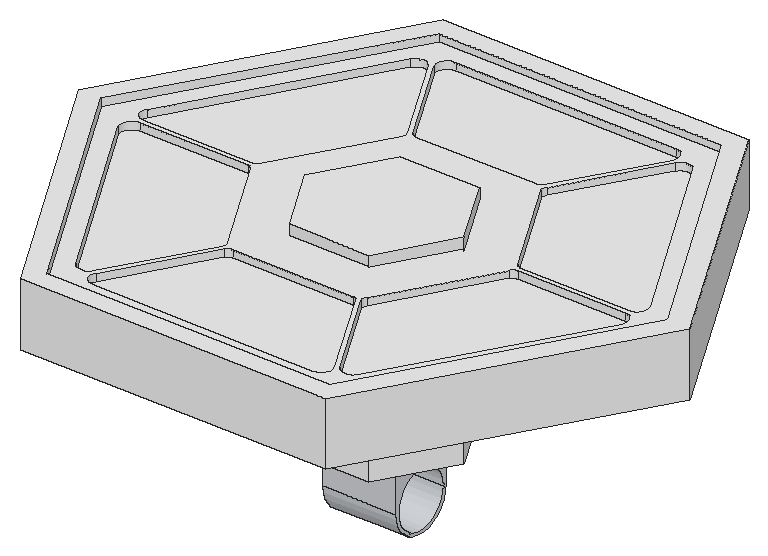
Revit family "Lighting-Industriale-GEWISS-ESALITE-HB-APPARECCHI-LED_12K_DALI", category Apparecchi per illuminazione, host Superficie, Revit 2019
Family settings
  Host = Superficie
  Quota connettore circolare = Usa diametro
  Tipo di parte = Normale
  Taglio con vuoti quando caricato = No
  Sorgente d'illuminazione = No
  Condiviso = No
  Punto di calcolo locali = Sì
Parameters (values of type "GWS6325GD57K - ESALITE 12K ELL.5700K PLAF+V GR.DALI")
  Versioni = "Luce fredda 5700K"
  Versione file RFA = "20.11"
  VISIBILITA' SIMBOLO [instance] = yes
  VISIBILITA' LAMPADA PIANTA [instance] = not(VISIBILITA' SIMBOLO)  # no
  VISIBILITA' ETICHETTA [instance] = yes
  URL = "https://www.gewiss.com/it/it"
  Tipo alimentatore = "Driver Led Dali"
  Tensione = "220/240 V - 50/60 Hz"
  Temperatura di utilizzo = "-30 +50 °C"
  Temperatura di colore: = "5700 K (CRI>80)"
  Spostamento_y_effettivo_ET [instance] = 4000 mm - Spostamento_y_ET  # 2119.2 mm
  Spostamento_y_ET [instance] = 1880.8 mm
  Spostamento_X_effettivo_ET [instance] = 4000 mm - Spostamento_X_ET  # 3850.612 mm
  Spostamento_X_ET [instance] = 149.388 mm
  Schermo = "Vetro temprato"
  Scheda Tecnica = "https://www.gewiss.com/it/it/search?q=GWS6325GD57K"
  SEO = "High bay"
  Resistenza alle sovratensioni : = "8KV in modalità comune; 6KV in modalità differenziale"
  Resistenza agli urti = "IK08"
  Default Elevation = 1219.2 mm
  Produttore = "GEWISS S.p.A."
  Potenza di sitema = "Wxxx"
  Potenza di sistema = "112W"
  Peso (kg): = "7,5"
  Ottica = "Ellittica"
  Modello = "GWS6325GD57K"
  Lumen output (lm) = "11900"
  Life time L90B10 (Tq 50Â°C) = "61000H"
  Life time L90B10 (Tq 25Â°C) = "100000H"
  Lampada: = "LED - Non sostituibile"
  Immagine tipo = ESALITE_HB.jpg
  IDT = "d2a2d3dfc1284762950272393a169f1b"
  IDF = "3f74dfed-7a1f-499e-99b4-b713e16e5279"
  Grado di protezione = "IP66"
  Garanzia = "5 anni"
  Flusso nominale (lm) = "15000"
  Descrizione = "ESALITE 12K ELL.5700K PLAF+V GR.DALI"
  Creato da GEWISS S.p.A. = ""
  Corrente di pilotaggio. = "0,7A"
  Colore = "Grigio RAL 9006"
  Codice Electrocod = "2444"
  Classe isolamento = "I"
  Classe di efficienza LED integrati = "A ÷ A++"
  Catalogo Serie = "ESALITE HB - 12K"
  Catalogo = "LIGHTING"
  COBie.Tagnumber = ""
  COBie.CreatedOn = ""
  COBie.CreatebBy = ""
  COBie.ComponentRegisterItemID = ""
  COBie.Component.TagNumber = ""
  COBie.Component.Space = ""
  COBie.Component.SerialNumber = ""
  COBie.Component.InstallationDate = ""
  COBie.Component.Description = ""
  COBie.Component.BarCode = ""
  Applicazione = "Interno / Esterno"
Types (25, lengths in mm): name | Versioni | Temperatura di colore: | Schermo | Scheda Tecnica | Resistenza agli urti | Ottica | Modello | Lumen output (lm) | IDT | Grado di protezione | Flusso nominale (lm) | Descrizione | Applicazione
  (no name) | "Luce fredda 5700K" | "5700 K (CRI>80)" | "Vetro temprato" | "https://www.gewiss.com/it/it/search?q=GWS6325GD57K" | "IK08" | "Ellittica" | "GWS6325GD57K" | "11900" | "d2a2d3dfc1284762950272393a169f1b" | "IP66" | "15000" | "ESALITE 12K ELL.5700K PLAF+V GR.DALI" | "Interno / Esterno"
  GWS6022GD - ESALITE 12K 30° 4000K PLAF.GR.DALI | "Luce naturale 4000K" | "4000 K (CRI>80)" | "Plastico" | "https://www.gewiss.com/it/it/search?q=GWS6022GD" | "IK06" | "30°" | "GWS6022GD" | "12700" | "35b3cf4b197f43218aa022e5f522abfe" | "IP65" | "15000" | "ESALITE 12K 30° 4000K PLAF.GR.DALI" | "Interno"
  GWS6022GD30K - ESALITE 12K 30° 3000K PLAF.GR.DALI | "Luce calda 3000K" | "3000 K (CRI>80)" | "Plastico" | "https://www.gewiss.com/it/it/search?q=GWS6022GD30K" | "IK06" | "30°" | "GWS6022GD30K" | "11800" | "d9dabff4fe354637b428eef978409a19" | "IP65" | "14000" | "ESALITE 12K 30° 3000K PLAF.GR.DALI" | "Interno"
  GWS6022GD57K - ESALITE 12K 30° 5700K PLAF.GR.DALI | "Luce fredda 5700K" | "5700 K (CRI>80)" | "Plastico" | "https://www.gewiss.com/it/it/search?q=GWS6022GD57K" | "IK06" | "30°" | "GWS6022GD57K" | "12700" | "250b75d768914a3a877e7a7345f21ac5" | "IP65" | "15000" | "ESALITE 12K 30° 5700K PLAF.GR.DALI" | "Interno"
  GWS6023GD - ESALITE 12K 60° 4000K PLAF.GR.DALI | "Luce naturale 4000K" | "4000 K (CRI>80)" | "Plastico" | "https://www.gewiss.com/it/it/search?q=GWS6023GD" | "IK06" | "60°" | "GWS6023GD" | "12900" | "a29d7323ae0e4980a59da40686718188" | "IP65" | "15000" | "ESALITE 12K 60° 4000K PLAF.GR.DALI" | "Interno"
  GWS6023GD30K - ESALITE 12K 60° 3000K PLAF.GR.DALI | "Luce calda 3000K" | "3000 K (CRI>80)" | "Plastico" | "https://www.gewiss.com/it/it/search?q=GWS6023GD30K" | "IK06" | "60°" | "GWS6023GD30K" | "12000" | "3c9c3b9704d648ec95ec8e39f1ca697b" | "IP65" | "14000" | "ESALITE 12K 60° 3000K PLAF.GR.DALI" | "Interno"
  GWS6023GD57K - ESALITE 12K 60° 5700K PLAF.GR.DALI | "Luce fredda 5700K" | "5700 K (CRI>80)" | "Plastico" | "https://www.gewiss.com/it/it/search?q=GWS6023GD57K" | "IK06" | "60°" | "GWS6023GD57K" | "12900" | "29016f5b746f49908b1169b1b3ad188b" | "IP65" | "15000" | "ESALITE 12K 60° 5700K PLAF.GR.DALI" | "Interno"
  GWS6024GD - ESALITE 12K 90° 4000K PLAF.GR.DALI | "Luce naturale 4000K" | "4000 K (CRI>80)" | "Plastico" | "https://www.gewiss.com/it/it/search?q=GWS6024GD" | "IK06" | "90°" | "GWS6024GD" | "13700" | "7b6ded07cde44c9ea3f06fae6809de86" | "IP65" | "15000" | "ESALITE 12K 90° 4000K PLAF.GR.DALI" | "Interno"
  GWS6024GD30K - ESALITE 12K 90° 3000K PLAF.GR.DALI | "Luce calda 3000K" | "3000 K (CRI>80)" | "Plastico" | "https://www.gewiss.com/it/it/search?q=GWS6024GD30K" | "IK06" | "90°" | "GWS6024GD30K" | "12800" | "6ae77283cf3f4ccfbb661844f8ea5737" | "IP65" | "14000" | "ESALITE 12K 90° 3000K PLAF.GR.DALI" | "Interno"
  GWS6024GD57K - ESALITE 12K 90° 5700K PLAF.GR.DALI | "Luce fredda 5700K" | "5700 K (CRI>80)" | "Plastico" | "https://www.gewiss.com/it/it/search?q=GWS6024GD57K" | "IK06" | "90°" | "GWS6024GD57K" | "13700" | "a9e46dc92eaf4a0dbec7e9181be0d6c7" | "IP65" | "15000" | "ESALITE 12K 90° 5700K PLAF.GR.DALI" | "Interno"
  GWS6025GD - ESALITE 12K ELL.4000K PLAF.GR.DALI | "Luce naturale 4000K" | "4000 K (CRI>80)" | "Plastico" | "https://www.gewiss.com/it/it/search?q=GWS6025GD" | "IK06" | "Ellittica" | "GWS6025GD" | "12900" | "b2f800c1082d4f3492669209874a42bb" | "IP65" | "15000" | "ESALITE 12K ELL.4000K PLAF.GR.DALI" | "Interno"
  GWS6025GD30K - ESALITE 12K ELL.3000K PLAF.GR.DALI | "Luce calda 3000K" | "3000 K (CRI>80)" | "Plastico" | "https://www.gewiss.com/it/it/search?q=GWS6025GD30K" | "IK06" | "Ellittica" | "GWS6025GD30K" | "12000" | "6270431cdf114224b484530e05ad32b3" | "IP65" | "14000" | "ESALITE 12K ELL.3000K PLAF.GR.DALI" | "Interno"
  GWS6025GD57K - ESALITE 12K ELL.5700K PLAF.GR.DALI | "Luce fredda 5700K" | "5700 K (CRI>80)" | "Plastico" | "https://www.gewiss.com/it/it/search?q=GWS6025GD57K" | "IK06" | "Ellittica" | "GWS6025GD57K" | "12900" | "84eac9971497492e92781f631ff72047" | "IP65" | "15000" | "ESALITE 12K ELL.5700K PLAF.GR.DALI" | "Interno"
  GWS6322GD - ESALITE 12K 30° 4000K PLAF+V GR.DALI | "Luce naturale 4000K" | "4000 K (CRI>80)" | "Vetro temprato" | "https://www.gewiss.com/it/it/search?q=GWS6322GD" | "IK08" | "30°" | "GWS6322GD" | "11600" | "286c5400690d43b989d03c0f12888485" | "IP66" | "15000" | "ESALITE 12K 30° 4000K PLAF+V GR.DALI" | "Interno / Esterno"
  GWS6322GD30K - ESALITE 12K 30° 3000K PLAF+V GR.DALI | "Luce calda 3000K" | "3000 K (CRI>80)" | "Vetro temprato" | "https://www.gewiss.com/it/it/search?q=GWS6322GD30K" | "IK08" | "30°" | "GWS6322GD30K" | "10800" | "9f46472fa7b74f00916ffd5d2fcfe1eb" | "IP66" | "14000" | "ESALITE 12K 30° 3000K PLAF+V GR.DALI" | "Interno / Esterno"
  GWS6322GD57K - ESALITE 12K 30° 5700K PLAF+V GR.DALI | "Luce fredda 5700K" | "5700 K (CRI>80)" | "Vetro temprato" | "https://www.gewiss.com/it/it/search?q=GWS6322GD57K" | "IK08" | "30°" | "GWS6322GD57K" | "11600" | "f0ed51fe954f4075be4624d5df5070e0" | "IP66" | "15000" | "ESALITE 12K 30° 5700K PLAF+V GR.DALI" | "Interno / Esterno"
  GWS6323GD - ESALITE 12K 60° 4000K PLAF+V GR.DALI | "Luce naturale 4000K" | "4000 K (CRI>80)" | "Vetro temprato" | "https://www.gewiss.com/it/it/search?q=GWS6323GD" | "IK08" | "60°" | "GWS6323GD" | "11900" | "da79f6129fbc4d5d8e1f04758039e2dd" | "IP66" | "15000" | "ESALITE 12K 60° 4000K PLAF+V GR.DALI" | "Interno / Esterno"
  GWS6323GD30K - ESALITE 12K 60° 3000K PLAF+V GR.DALI | "Luce calda 3000K" | "3000 K (CRI>80)" | "Vetro temprato" | "https://www.gewiss.com/it/it/search?q=GWS6323GD30K" | "IK08" | "60°" | "GWS6323GD30K" | "11100" | "64be8db373934211ab47de8d9e88dad0" | "IP66" | "14000" | "ESALITE 12K 60° 3000K PLAF+V GR.DALI" | "Interno / Esterno"
  GWS6323GD57K - ESALITE 12K 60° 5700K PLAF+V GR.DALI | "Luce fredda 5700K" | "5700 K (CRI>80)" | "Vetro temprato" | "https://www.gewiss.com/it/it/search?q=GWS6323GD57K" | "IK08" | "60°" | "GWS6323GD57K" | "11900" | "b8a45e090a9e4cbd9c2f0cf7f1902321" | "IP66" | "15000" | "ESALITE 12K 60° 5700K PLAF+V GR.DALI" | "Interno / Esterno"
  GWS6324GD - ESALITE 12K 90° 4000K PLAF+V GR.DALI | "Luce naturale 4000K" | "4000 K (CRI>80)" | "Vetro temprato" | "https://www.gewiss.com/it/it/search?q=GWS6324GD" | "IK08" | "90°" | "GWS6324GD" | "12700" | "56af3f2275354d0290d0cde73c975edc" | "IP66" | "15000" | "ESALITE 12K 90° 4000K PLAF+V GR.DALI" | "Interno / Esterno"
  GWS6324GD30K - ESALITE 12K 90° 3000K PLAF+V GR.DALI | "Luce calda 3000K" | "3000 K (CRI>80)" | "Vetro temprato" | "https://www.gewiss.com/it/it/search?q=GWS6324GD30K" | "IK08" | "90°" | "GWS6324GD30K" | "11800" | "f2373e1a56d34de0b6b49f1227ee2fe5" | "IP66" | "14000" | "ESALITE 12K 90° 3000K PLAF+V GR.DALI" | "Interno / Esterno"
  GWS6324GD57K - ESALITE 12K 90° 5700K PLAF+V GR.DALI | "Luce fredda 5700K" | "5700 K (CRI>80)" | "Vetro temprato" | "https://www.gewiss.com/it/it/search?q=GWS6324GD57K" | "IK08" | "90°" | "GWS6324GD57K" | "12700" | "9431336567a3401daab1b0215021535d" | "IP66" | "15000" | "ESALITE 12K 90° 5700K PLAF+V GR.DALI" | "Interno / Esterno"
  GWS6325GD - ESALITE 12K ELL.4000K PLAF+V GR.DALI | "Luce naturale 4000K" | "4000 K (CRI>80)" | "Vetro temprato" | "https://www.gewiss.com/it/it/search?q=GWS6325GD" | "IK08" | "Ellittica" | "GWS6325GD" | "11900" | "3d2f8917f2a445ecac5bf7815467f40f" | "IP66" | "15000" | "ESALITE 12K ELL.4000K PLAF+V GR.DALI" | "Interno / Esterno"
  GWS6325GD30K - ESALITE 12K ELL.3000K PLAF+V GR.DALI | "Luce calda 3000K" | "3000 K (CRI>80)" | "Vetro temprato" | "https://www.gewiss.com/it/it/search?q=GWS6325GD30K" | "IK08" | "Ellittica" | "GWS6325GD30K" | "11100" | "98483d415e854f22885ef60d311d9135" | "IP66" | "14000" | "ESALITE 12K ELL.3000K PLAF+V GR.DALI" | "Interno / Esterno"
  GWS6325GD57K - ESALITE 12K ELL.5700K PLAF+V GR.DALI | "Luce fredda 5700K" | "5700 K (CRI>80)" | "Vetro temprato" | "https://www.gewiss.com/it/it/search?q=GWS6325GD57K" | "IK08" | "Ellittica" | "GWS6325GD57K" | "11900" | "d2a2d3dfc1284762950272393a169f1b" | "IP66" | "15000" | "ESALITE 12K ELL.5700K PLAF+V GR.DALI" | "Interno / Esterno"
Reference planes
  plane 1 "Centro (Fronte/Retro)": y = 0
  plane 2: z = 0
  plane 3 "Centro (Sinistra/Destra)": x = 0
  plane 4: z = 123
  plane 5: x = 0
  plane 6: x = -3850.612
  plane 7: y = -2119.2
  plane 8: y = 0
  plane 9: through (-1779.2, -702.001, 1219.2) normal (0.4695, 0.8829, 0)
  plane 10: through (203.705, -1575.119, 1219.2) normal (-0.866, 0.5, 0)
  plane 11: x = -217.137
  plane 12: x = 217.137
  plane 13: y = 188.046
  plane 14: y = -188.046
Lines and regions (mm)
  symbolic lines, visible <- "VISIBILITA' LAMPADA PIANTA"
    curve 1: line (-11.642, 188.046, 0) -> (-11.642, 193.046, 0)
    curve 2: line (96.926, 188.046, 0) -> (-120.211, 188.046, 0)
    curve 3: line (-120.211, 188.046, 0) -> (-228.779, 0, 0)
    curve 4: line (-228.779, 0, 0) -> (-120.211, -188.046, 0)
    curve 5: line (-120.211, -188.046, 0) -> (96.926, -188.046, 0)
    curve 6: line (96.926, -188.046, 0) -> (205.494, 0, 0)
    curve 7: line (205.494, 0, 0) -> (96.926, 188.046, 0)
    curve 8: line (-112.377, 174.478, 0) -> (89.093, 174.478, 0)
    curve 9: line (89.093, 174.478, 0) -> (189.827, 0, 0)
    curve 10: line (189.827, 0, 0) -> (89.093, -174.478, 0)
    curve 11: line (89.093, -174.478, 0) -> (-112.377, -174.478, 0)
    curve 12: line (-112.377, -174.478, 0) -> (-213.112, 0, 0)
    curve 13: line (-213.112, 0, 0) -> (-112.377, 174.478, 0)
    curve 14: line (-90.152, 161.48, 0) -> (66.867, 161.48, 0)
    curve 15: arc (66.867, 161.48, 0) -> (73.365, 157.725, 0) -> (73.355, 150.22, 0) r 7.499
    curve 16: line (73.355, 150.22, 0) -> (35.117, 83.99, 0)
    curve 17: arc (35.117, 83.99, 0) -> (33.287, 82.16, 0) -> (30.788, 81.49, 0) r 4.999
    curve 18: line (30.788, 81.49, 0) -> (-54.072, 81.49, 0)
    curve 19: arc (-54.072, 81.49, 0) -> (-56.572, 82.16, 0) -> (-58.402, 83.99, 0) r 4.999
    curve 20: line (-58.402, 83.99, 0) -> (-96.653, 150.242, 0)
    curve 21: arc (-96.653, 150.242, 0) -> (-96.643, 157.736, 0) -> (-90.152, 161.48, 0) r 7.499
    curve 22: line (-190.736, 12.76, 0) -> (-112.239, 148.72, 0)
    curve 23: arc (-112.239, 148.72, 0) -> (-105.751, 152.481, 0) -> (-99.25, 148.742, 0) r 7.499
    curve 24: line (-99.25, 148.742, 0) -> (-61.001, 82.492, 0)
    curve 25: arc (-61.001, 82.492, 0) -> (-60.33, 79.991, 0) -> (-61, 77.49, 0) r 4.999
    curve 26: line (-61, 77.49, 0) -> (-103.429, 4, 0)
    curve 27: arc (-103.429, 4, 0) -> (-105.259, 2.17, 0) -> (-107.759, 1.5, 0) r 4.999
    curve 28: line (-107.759, 1.5, 0) -> (-184.248, 1.5, 0)
    curve 29: arc (-184.248, 1.5, 0) -> (-190.746, 5.255, 0) -> (-190.736, 12.76, 0) r 7.499
    curve 30: line (-190.749, -12.737, 0) -> (-112.227, -148.742, 0)
    curve 31: arc (-112.227, -148.742, 0) -> (-105.738, -152.48, 0) -> (-99.25, -148.742, 0) r 7.499
    curve 32: line (-99.25, -148.742, 0) -> (-61, -82.489, 0)
    curve 33: arc (-61, -82.489, 0) -> (-60.33, -79.99, 0) -> (-61, -77.49, 0) r 4.999
    curve 34: line (-61, -77.49, 0) -> (-103.429, -3.999, 0)
    curve 35: arc (-103.429, -3.999, 0) -> (-105.259, -2.169, 0) -> (-107.759, -1.5, 0) r 4.999
    curve 36: line (-107.759, -1.5, 0) -> (-184.248, -1.5, 0)
    curve 37: arc (-184.248, -1.5, 0) -> (-190.739, -5.244, 0) -> (-190.749, -12.737, 0) r 7.499
    curve 38: line (66.867, -161.479, 0) -> (-90.152, -161.479, 0)
    curve 39: arc (-90.152, -161.479, 0) -> (-96.643, -157.735, 0) -> (-96.653, -150.242, 0) r 7.499
    curve 40: line (-96.653, -150.242, 0) -> (-58.402, -83.989, 0)
    curve 41: arc (-58.402, -83.989, 0) -> (-56.572, -82.159, 0) -> (-54.072, -81.489, 0) r 4.999
    curve 42: line (-54.072, -81.489, 0) -> (30.788, -81.489, 0)
    curve 43: arc (30.788, -81.489, 0) -> (33.287, -82.159, 0) -> (35.117, -83.989, 0) r 4.999
    curve 44: line (35.117, -83.989, 0) -> (73.355, -150.22, 0)
    curve 45: arc (73.355, -150.22, 0) -> (73.365, -157.724, 0) -> (66.867, -161.479, 0) r 7.499
    curve 46: line (80.145, -3.999, 0) -> (37.715, -77.49, 0)
    curve 47: arc (37.715, -77.49, 0) -> (37.045, -79.99, 0) -> (37.715, -82.489, 0) r 4.999
    curve 48: line (37.715, -82.489, 0) -> (75.966, -148.742, 0)
    curve 49: arc (75.966, -148.742, 0) -> (82.467, -152.48, 0) -> (88.955, -148.72, 0) r 7.499
    curve 50: line (88.955, -148.72, 0) -> (167.452, -12.759, 0)
    curve 51: arc (167.452, -12.759, 0) -> (167.461, -5.255, 0) -> (160.964, -1.5, 0) r 7.499
    curve 52: line (160.964, -1.5, 0) -> (84.474, -1.5, 0)
    curve 53: arc (84.474, -1.5, 0) -> (81.975, -2.169, 0) -> (80.145, -3.999, 0) r 4.999
    curve 54: line (80.145, 4, 0) -> (37.715, 77.49, 0)
    curve 55: arc (37.715, 77.49, 0) -> (37.045, 79.99, 0) -> (37.715, 82.49, 0) r 4.999
    curve 56: line (37.715, 82.49, 0) -> (75.966, 148.742, 0)
    curve 57: arc (75.966, 148.742, 0) -> (82.467, 152.481, 0) -> (88.955, 148.72, 0) r 7.499
    curve 58: line (88.955, 148.72, 0) -> (167.452, 12.76, 0)
    curve 59: arc (167.452, 12.76, 0) -> (167.461, 5.255, 0) -> (160.964, 1.5, 0) r 7.499
    curve 60: line (160.964, 1.5, 0) -> (84.474, 1.5, 0)
    curve 61: arc (84.474, 1.5, 0) -> (81.975, 2.17, 0) -> (80.145, 4, 0) r 4.999
    curve 123: line (-217.137, 0, 152.205) -> (217.137, 0, 152.205)
    curve 124: line (-217.137, 0, 197.205) -> (217.137, 0, 197.205)
    curve 125: line (-217.137, 0, 152.205) -> (-217.137, 0, 197.205)
    curve 126: line (-56.644, 0, 55) -> (-56.644, 0, 152.205)
    curve 127: line (-56.644, 0, 55) -> (56.76, 0, 55)
    curve 128: line (-26.009, 0, 55) -> (-26.009, 0, 0)
    curve 129: line (26.009, 0, 0) -> (-26.009, 0, 0)
    curve 130: line (26.009, 0, 0) -> (26.009, 0, 55)
    curve 131: line (56.76, 0, 55) -> (56.76, 0, 152.205)
    curve 132: line (217.137, 0, 197.205) -> (217.137, 0, 152.205)
  symbolic lines, visible <- "VISIBILITA' LAMPADA PIANTA", not visible
    curve 62: line (577.792, 610.713, 0) -> (577.792, 615.713, 0)
    curve 63: line (686.361, 610.713, 0) -> (469.224, 610.713, 0)
    curve 64: line (469.224, 610.713, 0) -> (360.656, 422.667, 0)
    curve 65: line (360.656, 422.667, 0) -> (469.224, 234.621, 0)
    curve 66: line (469.224, 234.621, 0) -> (686.361, 234.621, 0)
    curve 67: line (686.361, 234.621, 0) -> (794.929, 422.667, 0)
    curve 68: line (794.929, 422.667, 0) -> (686.361, 610.713, 0)
    curve 69: line (477.058, 597.145, 0) -> (678.527, 597.145, 0)
    curve 70: line (678.527, 597.145, 0) -> (779.262, 422.667, 0)
    curve 71: line (779.262, 422.667, 0) -> (678.527, 248.189, 0)
    curve 72: line (678.527, 248.189, 0) -> (477.058, 248.189, 0)
    curve 73: line (477.058, 248.189, 0) -> (376.323, 422.667, 0)
    curve 74: line (376.323, 422.667, 0) -> (477.058, 597.145, 0)
    curve 75: line (499.283, 584.146, 0) -> (656.302, 584.146, 0)
    curve 76: arc (656.302, 584.146, 0) -> (662.8, 580.391, 0) -> (662.79, 572.887, 0) r 7.499
    curve 77: line (662.79, 572.887, 0) -> (624.552, 506.656, 0)
    curve 78: arc (624.552, 506.656, 0) -> (622.722, 504.826, 0) -> (620.222, 504.156, 0) r 4.999
    curve 79: line (620.222, 504.156, 0) -> (535.363, 504.156, 0)
    curve 80: arc (535.363, 504.156, 0) -> (532.863, 504.826, 0) -> (531.033, 506.656, 0) r 4.999
    curve 81: line (531.033, 506.656, 0) -> (492.782, 572.909, 0)
    curve 82: arc (492.782, 572.909, 0) -> (492.792, 580.402, 0) -> (499.283, 584.146, 0) r 7.499
    curve 83: line (398.699, 435.426, 0) -> (477.196, 571.387, 0)
    curve 84: arc (477.196, 571.387, 0) -> (483.684, 575.147, 0) -> (490.184, 571.409, 0) r 7.499
    curve 85: line (490.184, 571.409, 0) -> (528.434, 505.158, 0)
    curve 86: arc (528.434, 505.158, 0) -> (529.105, 502.658, 0) -> (528.435, 500.157, 0) r 4.999
    curve 87: line (528.435, 500.157, 0) -> (486.005, 426.666, 0)
    curve 88: arc (486.005, 426.666, 0) -> (484.176, 424.836, 0) -> (481.676, 424.166, 0) r 4.999
    curve 89: line (481.676, 424.166, 0) -> (405.187, 424.166, 0)
    curve 90: arc (405.187, 424.166, 0) -> (398.689, 427.921, 0) -> (398.699, 435.426, 0) r 7.499
    curve 91: line (398.686, 409.929, 0) -> (477.208, 273.925, 0)
    curve 92: arc (477.208, 273.925, 0) -> (483.696, 270.186, 0) -> (490.184, 273.925, 0) r 7.499
    curve 93: line (490.184, 273.925, 0) -> (528.435, 340.177, 0)
    curve 94: arc (528.435, 340.177, 0) -> (529.105, 342.677, 0) -> (528.435, 345.176, 0) r 4.999
    curve 95: line (528.435, 345.176, 0) -> (486.005, 418.667, 0)
    curve 96: arc (486.005, 418.667, 0) -> (484.176, 420.497, 0) -> (481.676, 421.167, 0) r 4.999
    curve 97: line (481.676, 421.167, 0) -> (405.187, 421.167, 0)
    curve 98: arc (405.187, 421.167, 0) -> (398.695, 417.423, 0) -> (398.686, 409.929, 0) r 7.499
    curve 99: line (656.302, 261.187, 0) -> (499.283, 261.187, 0)
    curve 100: arc (499.283, 261.187, 0) -> (492.792, 264.931, 0) -> (492.782, 272.425, 0) r 7.499
    curve 101: line (492.782, 272.425, 0) -> (531.033, 338.677, 0)
    curve 102: arc (531.033, 338.677, 0) -> (532.863, 340.507, 0) -> (535.363, 341.177, 0) r 4.999
    curve 103: line (535.363, 341.177, 0) -> (620.222, 341.177, 0)
    curve 104: arc (620.222, 341.177, 0) -> (622.722, 340.507, 0) -> (624.552, 338.677, 0) r 4.999
    curve 105: line (624.552, 338.677, 0) -> (662.79, 272.447, 0)
    curve 106: arc (662.79, 272.447, 0) -> (662.8, 264.942, 0) -> (656.302, 261.187, 0) r 7.499
    curve 107: line (669.58, 418.667, 0) -> (627.15, 345.176, 0)
    curve 108: arc (627.15, 345.176, 0) -> (626.48, 342.677, 0) -> (627.15, 340.177, 0) r 4.999
    curve 109: line (627.15, 340.177, 0) -> (665.401, 273.925, 0)
    curve 110: arc (665.401, 273.925, 0) -> (671.901, 270.186, 0) -> (678.389, 273.946, 0) r 7.499
    curve 111: line (678.389, 273.946, 0) -> (756.886, 409.907, 0)
    curve 112: arc (756.886, 409.907, 0) -> (756.896, 417.412, 0) -> (750.398, 421.167, 0) r 7.499
    curve 113: line (750.398, 421.167, 0) -> (673.909, 421.167, 0)
    curve 114: arc (673.909, 421.167, 0) -> (671.409, 420.497, 0) -> (669.58, 418.667, 0) r 4.999
    curve 115: line (669.58, 426.666, 0) -> (627.15, 500.157, 0)
    curve 116: arc (627.15, 500.157, 0) -> (626.48, 502.657, 0) -> (627.15, 505.156, 0) r 4.999
    curve 117: line (627.15, 505.156, 0) -> (665.401, 571.409, 0)
    curve 118: arc (665.401, 571.409, 0) -> (671.901, 575.147, 0) -> (678.389, 571.387, 0) r 7.499
    curve 119: line (678.389, 571.387, 0) -> (756.886, 435.426, 0)
    curve 120: arc (756.886, 435.426, 0) -> (756.896, 427.921, 0) -> (750.398, 424.166, 0) r 7.499
    curve 121: line (750.398, 424.166, 0) -> (673.909, 424.166, 0)
    curve 122: arc (673.909, 424.166, 0) -> (671.409, 424.836, 0) -> (669.58, 426.666, 0) r 4.999
Text (mm)
  text "B-A=C" at (-2005.323, -1167.131, 0), in view "Livello rif."
  text "D+A-C=B" at (1746.792, 582.509, 0), in view "Livello rif."
Dimensions and locks
  "Spostamento_X_effettivo_ET": plane 6 to plane 5
  plane 6 to plane 3 "Centro (Sinistra/Destra)" = 3850.612 mm
  "Spostamento_y_effettivo_ET": plane 8 to plane 7
  plane 1 "Centro (Fronte/Retro)" to plane 7 = 2119.2 mm
  plane 11 to plane 12 = 434.273 mm
  plane 13 to plane 14 = 376.092 mm
  angle plane 9 to plane 7 = 28.00°
  angle plane 7 to plane 6 = 90.00°
  aligned and locked: plane 2 to host face
  aligned and locked: level to host face
  aligned and locked: plane 5 to nested 1
  aligned and locked: nested 1 to plane 8
  aligned and locked: plane 5 to nested 3
Automatic sketch dimensions
  host sketch curve to host sketch curve = 2438.4 mm  (x2)
  curve 123 to plane 11 = 0 mm
  curve 132 to plane 12 = 0 mm
  curve 126 to plane 3 "Centro (Sinistra/Destra)" = 56.644 mm
  plane 3 "Centro (Sinistra/Destra)" to curve 127 = 56.76 mm
  level to curve 131 = 55 mm
  curve 125 to plane 4 = 29.205 mm
  curve 123 to curve 124 = 45 mm
  curve 128 to plane 3 "Centro (Sinistra/Destra)" = 26.009 mm
  curve 130 to level = 0 mm
  plane 3 "Centro (Sinistra/Destra)" to curve 130 = 26.009 mm
Nested families
  nested 1: "etichetta Potenza Lampada" at (0, 0, 0), visible <- "VISIBILITA' ETICHETTA", type "etichetta Potenza Lampada"
  nested 2: "xESALITE HB 12K SOSPENSIONE_base" at (0, 0, 0), type "xESALITE HB 12K SOSPENSIONE_base"
  nested 3: "esalight hb simb" at (0, 0, 0), visible <- "VISIBILITA' SIMBOLO", type "esalight hb simb"
  nested 4: "esalight hb simb" at (0, 0, 90) x (1, 0, 0) z (0, -1, 0), visible <- "VISIBILITA' SIMBOLO", type "esalight hb simb"
Definition of nested family "xESALITE HB 12K SOSPENSIONE_base"
  Parameters (values of type "Tipo 1")
    Schermatura interna = none
    LED = none
    Corpo luce = none
  Types (2): name
    Tipo 1
    xESALITE HB 12K SOSPENSIONE_base
  Reference planes
    plane 1 "Centro (Fronte/Retro)": y = 0
    plane 2: z = 0
    plane 3 "Centro (Sinistra/Destra)": x = 0
    plane 4: x = -145.163
    plane 5: x = 145.28
    plane 6: y = 126.226
    plane 7: y = -125.856
    plane 8: y = 55.469
    plane 9: y = -55.099
    plane 10: x = -63.671
    plane 11: x = 63.788
    plane 12: y = -123.856
    plane 13: y = 124.226
    plane 14: y = -112.535
    plane 15: y = 112.905
    plane 16: y = -22
    plane 17: y = 22
    plane 18: y = -108.017
    plane 19: y = 108.387
    plane 20: through (-28.293, 49.29, 1200) normal (0.866, -0.5, 0)
    plane 21: y = 49.29
    plane 22: through (28.409, 49.29, 1200) normal (0.866, 0.5, 0)
    plane 23: through (28.409, -48.92, 1200) normal (-0.866, 0.5, 0)
    plane 24: y = -48.92
    plane 25: through (-56.644, 0.185, 1200) normal (0.866, 0.5, 0)
    plane 26: through (-31.86, 55.469, 1200) normal (0.866, -0.5, 0)
    plane 27: through (-63.778, 0.185, 1200) normal (0.866, 0.5, 0)
    plane 28: y = -55.099
    plane 29: through (63.894, 0.185, 1200) normal (0.866, -0.5, 0)
    plane 30: through (63.894, 0.185, 1200) normal (-0.866, -0.5, 0)
    plane 31: y = 55.469
    plane 32: z = 123.439
    plane 33: through (-65.51, 1.185, 1200) normal (-0.866, 0.5, 0)
    plane 34: through (-33.592, -56.099, 1200) normal (-0.866, -0.5, 0)
    plane 35: through (-65.51, 1.185, 1200) normal (-0.866, 0.5, 0)
    plane 36: y = 57.469
    plane 37: through (33.708, 56.469, 1200) normal (0.866, 0.5, 0)
    plane 38: through (65.626, -0.815, 1200) normal (0.866, -0.5, 0)
    plane 39: y = -57.099
    plane 40: y = -1
    plane 41: y = 1
    plane 42: x = -1
    plane 43: x = 0
    plane 44: y = 105.387
    plane 45: y = -105.017
    plane 46: z = 130
    plane 47: y = -103.017
    plane 48: y = 103.387
    plane 49: x = 1
    plane 50: through (-108.857, 187.546, 1200) normal (0.866, -0.5, 0)
    plane 51: y = 188.046
    plane 52: y = 174.478
    plane 53: through (-101.456, 173.228, 1200) normal (0.866, -0.5, 0)
    plane 54: through (-216.848, -0.5, 1200) normal (0.866, 0.5, 0)
    plane 55: through (-200.748, -1.25, 1200) normal (0.866, 0.5, 0)
    plane 56: y = -188.046
    plane 57: y = -174.478
    plane 58: y = 188.046
    plane 59: y = 174.478
    plane 60: through (200.748, 1.25, 1200) normal (-0.866, -0.5, 0)
    plane 61: through (216.848, 0.5, 1200) normal (-0.866, -0.5, 0)
    plane 62: through (108.857, -187.546, 1200) normal (-0.866, 0.5, 0)
    plane 63: through (101.456, -173.228, 1200) normal (-0.866, 0.5, 0)
    plane 64: z = 89
    plane 65: z = 134
    plane 66: z = 108.133
    plane 67: z = 123.439
    plane 68: z = 117.439
    plane 69: z = 128.439
    plane 70: z = 27.205
    plane 71: z = 152.205
    plane 72: z = 197.205
    plane 73: z = 199.205
    plane 74: z = 192.205
    plane 75: z = 182.205
    plane 76: z = 187.205
    plane 77: z = 184.113
  Forms (mm)
    Extrusion 1, solid, material <- "Corpo luce"
      sketch origin (0, 0, 0) x (1, 0, 0) y (0, 1, 0)
        loop
          line (-28.293, 49.29) -> (-56.644, 0.185) -> (-28.293, -48.92) -> (28.409, -48.92) -> (56.76, 0.185) -> (28.409, 49.29) -> (-28.293, 49.29)
      from 199.205 to 55
    Extrusion 2, solid
      sketch origin (0, 0, 0) x (0, 1, 0) y (0, 0, 1)
        loop
          arc (-22, 21.411) -> (0, -0.589) -> (22, 21.411) r 22
          line (22, 21.411) -> (22, 55) -> (-22, 55) -> (-22, 21.411)
        loop
          circle (0, 21.411) r 20
      from -26.009 to 26.009
    Extrusion 3, solid, material <- "Corpo luce"
      sketch origin (0, 0, 0) x (1, 0, 0) y (0, 1, 0)
        loop
          line (108.568, -188.046) -> (217.137, 0) -> (108.568, 188.046) -> (-108.568, 188.046) -> (-217.137, 0) -> (-108.568, -188.046) -> (108.568, -188.046)
        loop
          line (100.735, -174.478) -> (201.47, 0) -> (100.735, 174.478) -> (-100.735, 174.478) -> (-201.47, 0) -> (-100.735, -174.478) -> (100.735, -174.478)
      from 152.205 to 197.205
    Extrusion 4, solid, material <- "Corpo luce"
      sketch origin (0, 0, 0) x (1, 0, 0) y (0, 1, 0)
        loop
          line (-201.47, 0) -> (-100.735, -174.478) -> (100.735, -174.478) -> (201.47, 0) -> (100.735, 174.478) -> (-100.735, 174.478) -> (-201.47, 0)
        loop
          line (-28.293, 49.29) -> (-56.644, 0.185) -> (-28.293, -48.92) -> (28.409, -48.92) -> (56.76, 0.185) -> (28.409, 49.29) -> (-28.293, 49.29)
      from 182.205 to 192.205
    Extrusion 5, void
      sketch origin (0, 0, 0) x (1, 0, 0) y (0, 1, 0)
        loop
          line (-100.597, 148.72) -> (-179.094, 12.76)
          arc (-179.094, 12.76) -> (-179.103, 5.255) -> (-172.606, 1.5) r 7.499
          line (-172.606, 1.5) -> (-96.117, 1.5)
          arc (-96.117, 1.5) -> (-93.617, 2.17) -> (-91.787, 4) r 4.999
          line (-91.787, 4) -> (-49.357, 77.49)
          arc (-49.357, 77.49) -> (-48.687, 79.99) -> (-49.357, 82.49) r 4.999
          line (-49.357, 82.49) -> (-87.608, 148.742)
          arc (-87.608, 148.742) -> (-94.109, 152.481) -> (-100.597, 148.72) r 7.499
        loop
          line (78.51, 161.48) -> (-78.51, 161.48)
          arc (-78.51, 161.48) -> (-85.001, 157.736) -> (-85.01, 150.242) r 7.499
          line (-85.01, 150.242) -> (-46.759, 83.99)
          arc (-46.759, 83.99) -> (-44.93, 82.16) -> (-42.43, 81.49) r 4.999
          line (-42.43, 81.49) -> (42.43, 81.49)
          arc (42.43, 81.49) -> (44.93, 82.16) -> (46.759, 83.99) r 4.999
          line (46.759, 83.99) -> (84.998, 150.22)
          arc (84.998, 150.22) -> (85.007, 157.725) -> (78.51, 161.48) r 7.499
        loop
          arc (49.357, 82.49) -> (48.687, 79.99) -> (49.357, 77.49) r 4.999
          line (49.357, 77.49) -> (91.787, 4)
          arc (91.787, 4) -> (93.617, 2.17) -> (96.117, 1.5) r 4.999
          line (96.117, 1.5) -> (172.606, 1.5)
          arc (172.606, 1.5) -> (179.103, 5.255) -> (179.094, 12.76) r 7.499
          line (179.094, 12.76) -> (100.597, 148.72)
          arc (100.597, 148.72) -> (94.109, 152.481) -> (87.608, 148.742) r 7.499
          line (87.608, 148.742) -> (49.357, 82.49)
        loop
          line (49.357, -82.489) -> (87.608, -148.742)
          arc (87.608, -148.742) -> (94.109, -152.48) -> (100.597, -148.72) r 7.499
          line (100.597, -148.72) -> (179.094, -12.759)
          arc (179.094, -12.759) -> (179.103, -5.255) -> (172.606, -1.5) r 7.499
          line (172.606, -1.5) -> (96.117, -1.5)
          arc (96.117, -1.5) -> (93.617, -2.169) -> (91.787, -3.999) r 4.999
          line (91.787, -3.999) -> (49.357, -77.49)
          arc (49.357, -77.49) -> (48.687, -79.99) -> (49.357, -82.489) r 4.999
        loop
          arc (-42.43, -81.489) -> (-44.93, -82.159) -> (-46.759, -83.989) r 4.999
          line (-46.759, -83.989) -> (-85.01, -150.242)
          arc (-85.01, -150.242) -> (-85.001, -157.735) -> (-78.51, -161.479) r 7.499
          line (-78.51, -161.479) -> (78.51, -161.479)
          arc (78.51, -161.479) -> (85.007, -157.724) -> (84.998, -150.22) r 7.499
          line (84.998, -150.22) -> (46.759, -83.989)
          arc (46.759, -83.989) -> (44.93, -82.159) -> (42.43, -81.489) r 4.999
          line (42.43, -81.489) -> (-42.43, -81.489)
        loop
          arc (-91.787, -3.999) -> (-93.617, -2.169) -> (-96.117, -1.5) r 4.999
          line (-96.117, -1.5) -> (-172.606, -1.5)
          arc (-172.606, -1.5) -> (-179.097, -5.244) -> (-179.107, -12.737) r 7.499
          line (-179.107, -12.737) -> (-100.584, -148.742)
          arc (-100.584, -148.742) -> (-94.096, -152.48) -> (-87.608, -148.742) r 7.499
          line (-87.608, -148.742) -> (-49.357, -82.489)
          arc (-49.357, -82.489) -> (-48.687, -79.99) -> (-49.357, -77.49) r 4.999
          line (-49.357, -77.49) -> (-91.787, -3.999)
      from 187.205 to 192.205
  Cuts and joins
    Extrusion 5 cuts Extrusion 4
  Lines and regions (mm)
    symbolic lines, not visible
      curve 1: line (0, 188.046, 0) -> (0, 193.046, 0)
      curve 2: line (108.568, 188.046, 0) -> (-108.568, 188.046, 0)
      curve 3: line (-108.568, 188.046, 0) -> (-217.137, 0, 0)
      curve 4: line (-217.137, 0, 0) -> (-108.568, -188.046, 0)
      curve 5: line (-108.568, -188.046, 0) -> (108.568, -188.046, 0)
      curve 6: line (108.568, -188.046, 0) -> (217.137, 0, 0)
      curve 7: line (217.137, 0, 0) -> (108.568, 188.046, 0)
      curve 8: line (-100.735, 174.478, 0) -> (100.735, 174.478, 0)
      curve 9: line (100.735, 174.478, 0) -> (201.47, 0, 0)
      curve 10: line (201.47, 0, 0) -> (100.735, -174.478, 0)
      curve 11: line (100.735, -174.478, 0) -> (-100.735, -174.478, 0)
      curve 12: line (-100.735, -174.478, 0) -> (-201.47, 0, 0)
      curve 13: line (-201.47, 0, 0) -> (-100.735, 174.478, 0)
      curve 14: line (-78.51, 161.48, 0) -> (78.51, 161.48, 0)
      curve 15: arc (78.51, 161.48, 0) -> (85.007, 157.725, 0) -> (84.998, 150.22, 0) r 7.499
      curve 16: line (84.998, 150.22, 0) -> (46.759, 83.99, 0)
      curve 17: arc (46.759, 83.99, 0) -> (44.93, 82.16, 0) -> (42.43, 81.49, 0) r 4.999
      curve 18: line (42.43, 81.49, 0) -> (-42.43, 81.49, 0)
      curve 19: arc (-42.43, 81.49, 0) -> (-44.93, 82.16, 0) -> (-46.759, 83.99, 0) r 4.999
      curve 20: line (-46.759, 83.99, 0) -> (-85.01, 150.242, 0)
      curve 21: arc (-85.01, 150.242, 0) -> (-85.001, 157.736, 0) -> (-78.51, 161.48, 0) r 7.499
      curve 22: line (-179.094, 12.76, 0) -> (-100.597, 148.72, 0)
      curve 23: arc (-100.597, 148.72, 0) -> (-94.109, 152.481, 0) -> (-87.608, 148.742, 0) r 7.499
      curve 24: line (-87.608, 148.742, 0) -> (-49.357, 82.49, 0)
      curve 25: arc (-49.357, 82.49, 0) -> (-48.687, 79.99, 0) -> (-49.357, 77.49, 0) r 4.999
      curve 26: line (-49.357, 77.49, 0) -> (-91.787, 4, 0)
      curve 27: arc (-91.787, 4, 0) -> (-93.617, 2.17, 0) -> (-96.117, 1.5, 0) r 4.999
      curve 28: line (-96.117, 1.5, 0) -> (-172.606, 1.5, 0)
      curve 29: arc (-172.606, 1.5, 0) -> (-179.103, 5.255, 0) -> (-179.094, 12.76, 0) r 7.499
      curve 30: line (-179.107, -12.737, 0) -> (-100.584, -148.742, 0)
      curve 31: arc (-100.584, -148.742, 0) -> (-94.096, -152.48, 0) -> (-87.608, -148.742, 0) r 7.499
      curve 32: line (-87.608, -148.742, 0) -> (-49.357, -82.489, 0)
      curve 33: arc (-49.357, -82.489, 0) -> (-48.687, -79.99, 0) -> (-49.357, -77.49, 0) r 4.999
      curve 34: line (-49.357, -77.49, 0) -> (-91.787, -3.999, 0)
      curve 35: arc (-91.787, -3.999, 0) -> (-93.617, -2.169, 0) -> (-96.117, -1.5, 0) r 4.999
      curve 36: line (-96.117, -1.5, 0) -> (-172.606, -1.5, 0)
      curve 37: arc (-172.606, -1.5, 0) -> (-179.097, -5.244, 0) -> (-179.107, -12.737, 0) r 7.499
      curve 38: line (78.51, -161.479, 0) -> (-78.51, -161.479, 0)
      curve 39: arc (-78.51, -161.479, 0) -> (-85.001, -157.735, 0) -> (-85.01, -150.242, 0) r 7.499
      curve 40: line (-85.01, -150.242, 0) -> (-46.759, -83.989, 0)
      curve 41: arc (-46.759, -83.989, 0) -> (-44.93, -82.159, 0) -> (-42.43, -81.489, 0) r 4.999
      curve 42: line (-42.43, -81.489, 0) -> (42.43, -81.489, 0)
      curve 43: arc (42.43, -81.489, 0) -> (44.93, -82.159, 0) -> (46.759, -83.989, 0) r 4.999
      curve 44: line (46.759, -83.989, 0) -> (84.998, -150.22, 0)
      curve 45: arc (84.998, -150.22, 0) -> (85.007, -157.724, 0) -> (78.51, -161.479, 0) r 7.499
      curve 46: line (91.787, -3.999, 0) -> (49.357, -77.49, 0)
      curve 47: arc (49.357, -77.49, 0) -> (48.687, -79.99, 0) -> (49.357, -82.489, 0) r 4.999
      curve 48: line (49.357, -82.489, 0) -> (87.608, -148.742, 0)
      curve 49: arc (87.608, -148.742, 0) -> (94.109, -152.48, 0) -> (100.597, -148.72, 0) r 7.499
      curve 50: line (100.597, -148.72, 0) -> (179.094, -12.759, 0)
      curve 51: arc (179.094, -12.759, 0) -> (179.103, -5.255, 0) -> (172.606, -1.5, 0) r 7.499
      curve 52: line (172.606, -1.5, 0) -> (96.117, -1.5, 0)
      curve 53: arc (96.117, -1.5, 0) -> (93.617, -2.169, 0) -> (91.787, -3.999, 0) r 4.999
      curve 54: line (91.787, 4, 0) -> (49.357, 77.49, 0)
      curve 55: arc (49.357, 77.49, 0) -> (48.687, 79.99, 0) -> (49.357, 82.49, 0) r 4.999
      curve 56: line (49.357, 82.49, 0) -> (87.608, 148.742, 0)
      curve 57: arc (87.608, 148.742, 0) -> (94.109, 152.481, 0) -> (100.597, 148.72, 0) r 7.499
      curve 58: line (100.597, 148.72, 0) -> (179.094, 12.76, 0)
      curve 59: arc (179.094, 12.76, 0) -> (179.103, 5.255, 0) -> (172.606, 1.5, 0) r 7.499
      curve 60: line (172.606, 1.5, 0) -> (96.117, 1.5, 0)
      curve 61: arc (96.117, 1.5, 0) -> (93.617, 2.17, 0) -> (91.787, 4, 0) r 4.999
  Dimensions and locks
    locked: plane 6 to plane 13 at 2
    locked: plane 7 to plane 12 at 2
    locked: plane 15 to plane 13 at 11.321
    locked: plane 12 to plane 14 at 11.321
    equal spacing: Extrusion 2, plane 3 "Centro (Sinistra/Destra)", Extrusion 2
    plane 4 to plane 5 = 290.443 mm
    plane 7 to plane 6 = 252.082 mm
    Extrusion 1 to plane 70 = 172 mm
    plane 72 to plane 71 = 45 mm
    locked: plane 72 to plane 74 at 5
    locked: plane 74 to plane 75 at 10
    locked: plane 74 to plane 76 at 5
    locked: plane 76 to plane 77 at 3.092
    aligned and locked: level to plane 2
    aligned and locked: Extrusion 2 sketch curve to plane 16
    aligned and locked: Extrusion 2 sketch curve to plane 17
    aligned and locked: plane 1 "Centro (Fronte/Retro)" to Extrusion 2 sketch curve
    aligned and locked: Extrusion 1 sketch curve to plane 20
    aligned and locked: Extrusion 1 sketch curve to plane 25
    aligned and locked: Extrusion 1 sketch curve to plane 24
    aligned and locked: Extrusion 1 sketch curve to plane 23
    aligned and locked: Extrusion 1 sketch curve to plane 22
    aligned and locked: Extrusion 1 sketch curve to plane 21
    aligned and locked: Extrusion 1 to plane 73
    aligned and locked: Extrusion 3 to plane 72
    aligned and locked: plane 71 to Extrusion 3
    aligned and locked: Extrusion 4 to plane 74
    aligned and locked: Extrusion 4 to plane 75
    aligned and locked: Extrusion 4 to Extrusion 5
    aligned and locked: plane 76 to Extrusion 5
  Automatic sketch dimensions
    Extrusion 2 sketch curve to Extrusion 2 sketch curve = 0 mm
    plane 70 to Extrusion 2 sketch curve = 5.795 mm
    Extrusion 2 sketch curve to plane 70 = 27.795 mm
    plane 50 to Extrusion 3 sketch curve = 0 mm  (x2)
    Extrusion 3 sketch curve to plane 54 = 0 mm  (x2)
    plane 53 to Extrusion 3 sketch curve = 0 mm  (x2)
    Extrusion 3 sketch curve to plane 55 = 0 mm  (x2)
    Extrusion 3 sketch curve to plane 56 = 0 mm
    Extrusion 3 sketch curve to plane 51 = 0 mm
    Extrusion 3 sketch curve to plane 57 = 0 mm
    Extrusion 3 sketch curve to plane 52 = 0 mm
    Extrusion 3 sketch curve to plane 63 = 0 mm
    plane 60 to Extrusion 3 sketch curve = 0 mm  (x2)
    plane 61 to Extrusion 3 sketch curve = 0 mm  (x2)
    Extrusion 3 sketch curve to plane 62 = 0 mm
    plane 63 to Extrusion 3 sketch curve = 0 mm
    plane 62 to Extrusion 3 sketch curve = 0 mm
    plane 53 to Extrusion 4 sketch curve = 0 mm  (x2)
    Extrusion 4 sketch curve to plane 55 = 0 mm  (x2)
    Extrusion 4 sketch curve to plane 52 = 0 mm
    Extrusion 4 sketch curve to plane 57 = 0 mm
    Extrusion 4 sketch curve to plane 20 = 0 mm
    Extrusion 4 sketch curve to plane 25 = 0 mm  (x2)
    plane 20 to Extrusion 4 sketch curve = 0 mm
    Extrusion 4 sketch curve to plane 21 = 0 mm
    Extrusion 4 sketch curve to plane 24 = 0 mm
    Extrusion 4 sketch curve to plane 22 = 0 mm  (x2)
    Extrusion 4 sketch curve to plane 23 = 0 mm  (x2)
    plane 60 to Extrusion 4 sketch curve = 0 mm  (x2)
    Extrusion 4 sketch curve to plane 63 = 0 mm
    plane 63 to Extrusion 4 sketch curve = 0 mm
    Extrusion 5 sketch curve to plane 16 = 9.263 mm
    plane 4 to Extrusion 5 sketch curve = 33.943 mm
    plane 17 to Extrusion 5 sketch curve = 9.24 mm  (x2)
    Extrusion 5 sketch curve to Extrusion 5 sketch curve = 0.013 mm
    Extrusion 5 sketch curve to Extrusion 5 sketch curve = 6.501 mm  (x6)
    Extrusion 5 sketch curve to plane 41 = 0.5 mm  (x2)
    Extrusion 5 sketch curve to Extrusion 5 sketch curve = 0 mm  (x10)
    plane 10 to Extrusion 5 sketch curve = 36.926 mm
    plane 10 to Extrusion 5 sketch curve = 36.913 mm
    plane 40 to Extrusion 5 sketch curve = 0.5 mm  (x2)
    plane 10 to Extrusion 5 sketch curve = 32.445 mm
    Extrusion 5 sketch curve to Extrusion 5 sketch curve = 6.488 mm  (x9)
    Extrusion 5 sketch curve to plane 41 = 3 mm  (x2)
    Extrusion 5 sketch curve to Extrusion 5 sketch curve = 4.33 mm  (x11)
    plane 40 to Extrusion 5 sketch curve = 2.999 mm  (x2)
    Extrusion 5 sketch curve to Extrusion 5 sketch curve = 2.598 mm  (x8)
    Extrusion 5 sketch curve to plane 10 = 9.984 mm  (x2)
    plane 11 to Extrusion 5 sketch curve = 21.358 mm  (x2)
    Extrusion 5 sketch curve to plane 11 = 14.722 mm  (x2)
    Extrusion 5 sketch curve to Extrusion 5 sketch curve = 2.61 mm  (x2)
    Extrusion 5 sketch curve to plane 11 = 28 mm
    plane 7 to Extrusion 5 sketch curve = 22.864 mm
    plane 6 to Extrusion 5 sketch curve = 22.495 mm
    Extrusion 5 sketch curve to plane 5 = 27.326 mm
    Extrusion 5 sketch curve to plane 16 = 9.241 mm
    plane 7 to Extrusion 5 sketch curve = 22.886 mm
    Extrusion 5 sketch curve to Extrusion 5 sketch curve = 0.022 mm
    Extrusion 5 sketch curve to Extrusion 5 sketch curve = 1.478 mm  (x2)
    Extrusion 5 sketch curve to Extrusion 5 sketch curve = 1.5 mm  (x6)
    Extrusion 5 sketch curve to Extrusion 5 sketch curve = 3.76 mm  (x2)
    plane 47 to Extrusion 5 sketch curve = 16.529 mm  (x2)
    Extrusion 5 sketch curve to Extrusion 5 sketch curve = 2.5 mm  (x5)
    plane 36 to Extrusion 5 sketch curve = 20.022 mm  (x2)
    Extrusion 5 sketch curve to Extrusion 5 sketch curve = 1 mm
    Extrusion 5 sketch curve to Extrusion 5 sketch curve = 3.739 mm  (x3)
    plane 6 to Extrusion 5 sketch curve = 18.756 mm
    radius of Extrusion 2 sketch curve = 20 mm
Definition of nested family "etichetta Potenza Lampada"
  Parameters (values of type "etichetta Potenza Lampada")
    potenza lampada = "Wxxx"
  Reference planes
    plane 1: y = 0
    plane 2: x = 0
  Text (mm)
    label "QE" at (0.073, -0.194, 0), shows "potenza lampada"
Definition of nested family "esalight hb simb"
  Reference planes
    plane 1 "Centro (Fronte/Retro)": y = 0
    plane 2: z = 0
    plane 3 "Centro (Sinistra/Destra)": x = 0
  Lines and regions (mm)
    detail lines, in view "Livello rif."
      curve 1: line (0, 77.5, 0) -> (0, -72.5, 0)
      curve 2: arc (0, 77.5, 0) -> (75, 2.5, 0) -> (0, -72.5, 0) r 75
      curve 3: line (84.5, 45.846, 0) -> (142.251, 79.189, 0)
      curve 4: line (162.442, 90.846, 0) -> (139.127, 84.599, 0)
      curve 5: line (162.442, 90.846, 0) -> (145.374, 73.779, 0)
      curve 6: line (139.127, 84.599, 0) -> (145.374, 73.779, 0)
      curve 7: line (84.5, -50.846, 0) -> (142.251, -84.189, 0)
      curve 8: line (162.442, -95.846, 0) -> (139.127, -89.599, 0)
      curve 9: line (162.442, -95.846, 0) -> (145.374, -78.779, 0)
      curve 10: line (139.127, -89.599, 0) -> (145.374, -78.779, 0)
